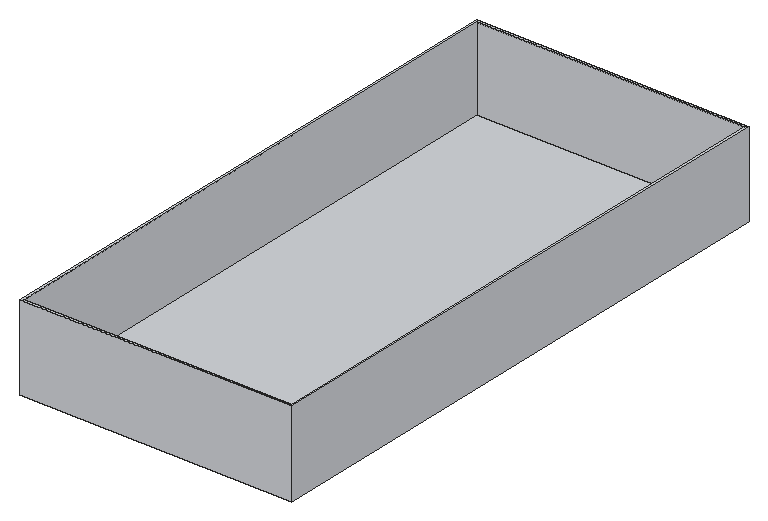
Revit family "Hager-VOLTA-Surface_mounted-IP30-Without_Cover-Without_DIN-Hosted-CH-de", category Electrical Equipment, host Face, Revit 2023
Family settings
  Host = Face
  Panel Configuration = Two Columns, Circuits Across
  Round Connector Dimension = Use Diameter
  Part Type = Panelboard
  Cut with Voids When Loaded = No
  Maintain Annotation Orientation = Yes
  Shared = No
  Room Calculation Point = No
Parameters (values of type "VOLTA-Surface_mounted_W305_H640_D96_12_Modular_Spacing-VA48MD")
  Width Control [instance] = if([HG000006-Unterputz], if([EF000846 - Einbaubreite] > min_whd, [EF000846 - Einbaubreite], min_whd), if([EF000008 - Breite] > min_whd, ([EF000008 - Breite]), min_whd))  # 305 mm
  Void Depth [instance] = if([HG000006-Unterputz], Depth Control, 1 mm)  # 1 mm
  Uniformat code = "D501001"
  Uniformat = "Low Tension Service & Dist."
  HGEF0002950-Breite in Teilungseinheiten = 12
  HGEF000266-Anzahl der Reihen = 4
  HG000131 - Functional label [instance] = ""
  HG000130 - Functional name [instance] = ""
  Type Comments = ""
  System Height [instance] = Height Control - 2 * [HG000005-Dicke]  # 636 mm
  Reference description = ""
  Reference = "VOLTA-Surface_mounted_W305_H640_D96_12_Modular_Spacing-VA48MD"
  Object type = ""
  Name hager = "ADD_Enclosures_EC000214"
  Name BIM&CO = "Electricity"
  Name = "VOLTA-Surface_mounted-IP30-Without_Cover-Without_DIN-CH"
  Model = ""
  HG000099-Onfly Template ID-de-CH = "507532"
  HG000060-RAL-number = "9010"
  HG000059-Operating voltage-de-CH [instance] = 230 V
  HG000017-Distanz zwischen den Polen = 18 mm
  HG000016-3D-Türsichtbarkeit = yes
  HG000015-Sichtbarkeit der Türöffnung = yes
  HG000014-Tür rechts = yes
  HG000013-Tür links = no
  HG000012-Türschwenkwinkel = 90.00°
  HG000011-Leere Reihen von unten = no
  HG000010-Asymmetrische Türen = no
  HG000009-Doppelflügeligen Tür = no
  HG000008-Anzahl der leeren Reihen = 0
  HG000007-Anzahl der leeren Spalten = 0
  HG000006-Unterputz = no
  HG000005-Dicke = 2 mm
  HG000004-Herstellerreferenz = "VA48MD"
  HG000003-Bereich = "VOLTA"
  HG000002-Mit tür = no
  HG000001-Anzahl der Spalten = 0
  GTIN (Global Trade Item Number) = ""
  ETIM class name = "Small distribution board"
  ETIM class code = "EC000214"
  EF015941 - Signaldurchlassende Tür = no
  EF015777 - Neutralleiterklemmenblock = no
  EF015776 - Erdungsklemmenblock = no
  EF009212 - Ausführung Deckel = "mit Ausschnitt"
  EF006306 - Mit Schloss = no
  EF006244 - Transparenter Deckel/Tür = no
  EF005474 - Schutzart (IP) = "IP30"
  EF004464 - Art der Tür = ""
  EF004462 - Art der Schliessung = ""
  EF002950 - Anzahl Teilungseinheiten = 12
  EF001596 - Werkstoff des Gehäuses = ""
  EF001134 - DIN-Schiene = no
  EF001131 - Innentiefe = 0 mm
  EF001088 - Anbaumöglichkeit = yes
  EF001062 - EMV-Ausführung = no
  EF000846 - Einbaubreite = 0 mm
  EF000339 - Art der Abdeckung = ""
  EF000332 - Einbauhöhe = 0 mm
  EF000266 - Anzahl der Reihen = 4
  EF000218 - Einbautiefe = 0 mm
  EF000118 - Mit Montageplatte = yes
  EF000116 - RAL-Nummer = 9010
  EF000049 - Tiefe = 96 mm
  EF000040 - Höhe = 640 mm
  EF000024 - UV-beständig = no
  EF000008 - Breite = 305 mm
  EF000007 - Farbe = "weiss"
  EF000003 - Montageart = "Aufputz"
  Creation Date = "12/15/2025 21:43:52"
  Code hager = "ADD-EC000214_EU"
  BIM&CO code = ""
  BC_VARIANT_ID = "1174158"
  BC_OBJECT_VERSION = "#9"  # constant formula
  BC_OBJECT_ID = "513473"  # constant formula
  BC_MODEL_ID = "1547146"  # constant formula
  Arrow Offset [instance] = Depth Control / 8  # 12 mm
  Arrow Height [instance] = Depth Control - Arrow Offset  # 84 mm
  Host Offset [instance] = if([HG000006-Unterputz], 0 mm, [EF000049 - Tiefe])  # 96 mm
  min_whd [instance] = (2 * [HG000005-Dicke]) + 1 mm  # 5 mm
  Manufacturer = "Hager"  # constant formula
  Height Control [instance] = if([HG000006-Unterputz], if([EF000332 - Einbauhöhe] > min_whd, [EF000332 - Einbauhöhe], min_whd), if([EF000040 - Höhe] > min_whd, ([EF000040 - Höhe]), min_whd))  # 640 mm
  Flush Mounted - Door Frame Width [instance] = if(([EF000040 - Höhe] - [EF000332 - Einbauhöhe]) > 0 mm, if([HG000006-Unterputz], [EF000040 - Höhe] - [EF000332 - Einbauhöhe], 0 mm), 0 mm)  # 0 mm
  Depth Control [instance] = if([HG000006-Unterputz], if([EF000218 - Einbautiefe] > 0 mm, [EF000218 - Einbautiefe], 1 mm), if([EF000049 - Tiefe] > 0 mm, ([EF000049 - Tiefe]), 1 mm))  # 96 mm
  Default Elevation = 0 mm
Reference planes
  plane 1 "Center (Front/Back)": y = 0
  plane 2: z = 0
  plane 3 "Center (Left/Right)": x = 0
  plane 4: z = 96
  plane 5: y = 2
  plane 6: z = 91
  plane 7: y = 320
  plane 8: y = 0
  plane 9: y = 640
  plane 10: z = 0
  plane 11: x = -152.5
  plane 12: x = 152.5
  plane 13: x = 150.5
  plane 14: x = -150.5
  plane 15: y = 638
  plane 16: z = 2
  plane 17: z = 94
  plane 18: z = -1
  plane 19: z = 94
  plane 20 "Annotation H": y = -100
  plane 21 "Annotation V": x = 452.5
Forms (mm)
  Extrusion 1, solid
    sketch origin (-583.045, 0, 1219.2) x (-1, 0, 0) y (0, 0, 1)
      loop
        line (-430.545, -1123.2) -> (-735.545, -1123.2) -> (-735.545, -1219.2) -> (-430.545, -1219.2) -> (-430.545, -1123.2)
    from 0 to 640 <- "Height Control"
  Extrusion 2, void
    sketch origin (-381.607, -4572, 96) x (0, -1, 0) y (-1, 0, 0)
      loop
        line (-5210, -231.107) -> (-5210, -532.107) -> (-4574, -532.107) -> (-4574, -231.107) -> (-5210, -231.107)
    from 0 to 94
  Extrusion 3, void
    sketch origin (0, 0, 0) x (1, 0, 0) y (0, 1, 0)
      loop
        line (-152.5, 0) -> (152.5, 0) -> (152.5, 640) -> (-152.5, 640) -> (-152.5, 0)
    from -1 to 1
  Extrusion 4, solid, detail levels coarse+medium
    sketch origin (-381.607, -4572, 96) x (-1, 0, 0) y (0, -1, 0)
      loop
        line (-231.107, -5210) -> (-231.107, -4574) -> (-532.107, -4574) -> (-532.107, -5210) -> (-231.107, -5210)
    from 0 to -2
Cuts and joins
  Extrusion 2 cuts Extrusion 1
Dimensions and locks
  plane 4 to plane 6 = 5 mm
  "Host Offset": plane 4 to host face
  "Flush Mounted - Door Frame Width": plane 1 "Center (Front/Back)" to plane 8
  "HG000005-Dicke": plane 5 to plane 8
  locked: connector elem to plane 3 "Center (Left/Right)"
  "Height Control": plane 9 to plane 8
  equal spacing: plane 9, plane 7, plane 8
  locked: connector elem to plane 7
  "Depth Control": plane 4 to plane 10
  "HG000005-Dicke": plane 11 to plane 14
  "HG000005-Dicke": plane 12 to plane 13
  equal spacing: plane 11, plane 3 "Center (Left/Right)", plane 12
  "Width Control": plane 11 to plane 12
  "Arrow Offset": nested 4 to plane 10
  "HG000005-Dicke": plane 9 to plane 15
  "HG000005-Dicke": plane 16 to plane 10
  "HG000005-Dicke": plane 4 to plane 17
  "Void Depth": plane 2 to plane 18
  "HG000005-Dicke": plane 4 to plane 19
  locked: plane 20 "Annotation H" to plane 1 "Center (Front/Back)" at 100
  locked: plane 12 to plane 21 "Annotation V" at 300
  aligned and locked: plane 2 to host face
  aligned and locked: level to host face
  aligned and locked: plane 3 "Center (Left/Right)" to nested 2
  aligned and locked: plane 4 to nested 2
  aligned and locked: nested 2 to plane 8
  aligned and locked: nested 1 to plane 6
  aligned and locked: plane 5 to nested 1
  aligned and locked: nested 4 to plane 11
  aligned and locked: nested 3 to plane 4
  aligned and locked: Extrusion 1 sketch curve to plane 12
  aligned and locked: Extrusion 1 sketch curve to plane 11
  aligned and locked: nested 3 to plane 10
  aligned and locked: plane 10 to Extrusion 1 sketch curve
  aligned and locked: plane 5 to Extrusion 2 sketch curve
  aligned and locked: Extrusion 2 sketch curve to plane 15
  aligned and locked: Extrusion 2 sketch curve to plane 14
  aligned and locked: Extrusion 2 sketch curve to plane 13
  aligned and locked: plane 11 to Extrusion 3 sketch curve
  aligned and locked: plane 9 to Extrusion 3 sketch curve
  aligned and locked: Extrusion 3 sketch curve to plane 8
  aligned and locked: plane 12 to Extrusion 3 sketch curve
  aligned and locked: nested 3 to plane 12
  aligned and locked: Extrusion 3 to plane 18
  aligned and locked: Extrusion 2 to plane 16
  aligned and locked: Extrusion 1 sketch curve to plane 4
  aligned and locked: Extrusion 4 to plane 17
  aligned and locked: Extrusion 4 sketch curve to plane 15
  aligned and locked: Extrusion 4 sketch curve to plane 13
  aligned and locked: Extrusion 4 sketch curve to plane 14
  aligned and locked: plane 5 to Extrusion 4 sketch curve
  aligned and locked: nested 5 to plane 21 "Annotation V"
  aligned and locked: plane 20 "Annotation H" to nested 5
Automatic sketch dimensions
  host sketch curve to host sketch curve = 1469.727 mm
  host sketch curve to host sketch curve = 1434.803 mm
Nested families
  nested 1: "Hager_Enclosure_System" at (0, 2, 91) x (1, 0, 0) z (0, 1, 0), Height <- "System Height", Width_Control <- "Width Control", Built-in_Width <- "EF000846 - Einbaubreite", Width <- "EF000008 - Breite", Depth <- "HG000005-Dicke", Border <- "HG000005-Dicke", Distance_Between_Poles <- "HG000017-Distanz zwischen den Polen", Flush_Mounted <- "HG000006-Unterputz", Empty_Columns <- "HG000007-Anzahl der leeren Spalten", Total_No_Empty_Rows <- "HG000008-Anzahl der leeren Reihen", Empty_Rows_From_Bottom <- "HG000011-Leere Reihen von unten", Columns_Count <- "HG000001-Anzahl der Spalten", Rows_Count <- "HGEF000266-Anzahl der Reihen", Row_Module_Multiplicator <- "HGEF0002950-Breite in Teilungseinheiten", type "Hager_Enclosure_System", detail levels fine
    with Width_Control 305 mm, Width 305 mm, Total_No_Rows 4, Total_No_Empty_Rows 0, Total_No_Columns 1, System_Width 301 mm, Rows_Count 4, Rows_Column 4, Row_Module_Multiplicator 12, Panel_4 no, Panel_3 no, Panel_2 no, Panel_1 no, No_Panels_Ctrl 1, Hide_Columns yes, Height 636 mm, Flush_Mounted no, Empty_Rows_From_Bottom no, Empty_Rows_Column 0, Empty_Columns 0, Empty column 4 0, Empty column 3 0, Empty column 2 0, Empty column 1 0, Distance_Between_Poles 18 mm, Depth 2 mm, Columns_Count 0, Column_Width 301 mm, Built-in_Width 0 mm, Border 2 mm
  nested 2: "Hager_Enclosure_Door" at (0, 0, 96) x (1, 0, 0) z (0, 1, 0), Height_Ctrl <- "Height Control", Width_Ctrl <- "Width Control", BuiltIn_Depth <- "EF000218 - Einbautiefe", Depth <- "EF000049 - Tiefe", BuiltIn_Width <- "EF000846 - Einbaubreite", Height <- "EF000040 - Höhe", BuiltIn_Height <- "EF000332 - Einbauhöhe", Width <- "EF000008 - Breite", Transparent <- "EF006244 - Transparenter Deckel/Tür", Border <- "HG000005-Dicke", Door <- "HG000002-Mit tür", Flush_Mounted <- "HG000006-Unterputz", Double <- "HG000009-Doppelflügeligen Tür", Assymetrical <- "HG000010-Asymmetrische Türen", Angle <- "HG000012-Türschwenkwinkel", Door_Left <- "HG000013-Tür links", Door_Right <- "HG000014-Tür rechts", Clearance <- "HG000015-Sichtbarkeit der Türöffnung", 3d_Door <- "HG000016-3D-Türsichtbarkeit", type "Hager_Enclosure_Door", detail levels medium+fine
    with min_wh 5 mm, Width_Ctrl 305 mm, Width 305 mm, Transparent_Door_No_Bottom_Border no, Transparent no, Leaf_Width 298 mm, Leaf_Tolerance 1.5 mm, Leaf_Height 633 mm, Leaf_2_Width 298 mm, Leaf_2_Offset 149 mm, Leaf_1_Width 298 mm, Leaf_1_Offset 149 mm, Height_Ctrl 640 mm, Height 640 mm, Frame_Width_Ctrl 305 mm, Frame_Width 305 mm, Frame_Internal_Offset 0 mm, Frame_Height_Ctrl 640 mm, Frame_Height 640 mm, Frame_Depth_Ctrl 1 mm, Frame_Depth 0 mm, Flush_Mounted no, Double_Clearance_Ctrl no, Double no, Door_Right_Ctrl no, Door_Right yes, Door_Left_Ctrl no, Door_Left no, Door no, Depth 96 mm, Clearance_Depth 298 mm, Clearance_Ctrl yes, Clearance yes, BuiltIn_Width 0 mm, BuiltIn_Height 0 mm, BuiltIn_Depth 0 mm, Border 2 mm, Assymetrical no, Angle 90.00°, 3d_Door yes
  nested 3: "Hager_Enclosure_Symbol_Triangle" at (-152.5, 0, 0) x (1, 0, 0) z (0, -1, 0), Depth <- "Depth Control", Width <- "Width Control", type "Hager_Enclosure_Symbol_Triangle"
    with Width_Ctrl 305 mm, Width 305 mm, Depth_Ctrl 96 mm, Depth 96 mm
  nested 4: "Hager_Enclosure_Symbol_Arrow" at (-152.5, 0, 12) x (1, 0, 0) z (0, -1, 0), Height <- "Arrow Height", type "Hager_Enclosure_Symbol_Arrow"
    with Width_Inside 6.3 mm, Width 75.6 mm, Height_Ctrl 84 mm, Height 84 mm
  nested 5: "Hager_Annotation-HG000130" at (452.5, -100, 0) x (-1, 0, 0) z (0, 0, 1), HG000130 - Functional name <- "HG000130 - Functional name", type "Hager_Annotation-HG000130"
    with HG000130 - Functional name ""
Connectors
  electrical at (0, 320, 0)
    settings: on plane 10, index 1, voltage 0 V, apparent load 0 VA, apparent load phase1 0 VA, apparent load phase2 0 VA, apparent load phase3 0 VA, power factor 1, load classification "Other", number of poles 1, system type 30, power factor state 1, is connector primary yes, connector utility no, sub classification motor no, connector description ""
Definition of nested family "Hager_Enclosure_Door"
  Parameters (values of type "Hager_Enclosure_Door")
    min_wh [instance] = (2 * Border) + 1 mm  # 11 mm
    Width_Ctrl [instance] = 400 mm
    Width [instance] = 500 mm
    Transparent_Door_No_Bottom_Border [instance] = no
    Transparent [instance] = yes
    Leaf_Width [instance] = if((Width_Ctrl - 2 * Border - 2 * Leaf_Tolerance) > 0 mm, (Width_Ctrl - 2 * Border - 2 * Leaf_Tolerance), min_wh)  # 387 mm
    Leaf_Tolerance [instance] = 1.5 mm  # constant formula
    Leaf_Height [instance] = if((Height_Ctrl - 2 * Border - 2 * Leaf_Tolerance) > 0 mm, (Height_Ctrl - 2 * Border - 2 * Leaf_Tolerance), min_wh)  # 387 mm
    Leaf_2_Width [instance] = if(and(and(Double, Assymetrical), Door_Left), (Leaf_Width / 3) - (Leaf_Tolerance / 2), if(and(and(Double, Assymetrical), Door_Right), (Leaf_Width / 3) * 2 - (Leaf_Tolerance / 2), if(and(Double, not(Assymetrical)), (Leaf_Width / 2) - Leaf_Tolerance, Leaf_Width)))  # 387 mm
    Leaf_2_Offset [instance] = if(and(Double, Assymetrical), Leaf_2_Width / 2, if(and(Double, not(Assymetrical)), Leaf_Width / 4, Leaf_Width / 2))  # 193.5 mm
    Leaf_1_Width [instance] = if(and(and(Double, Assymetrical), Door_Right), (Leaf_Width / 3) - (Leaf_Tolerance / 2), if(and(and(Double, Assymetrical), Door_Left), (Width / 3) * 2 - (Leaf_Tolerance / 2), if(and(Double, not(Assymetrical)), (Leaf_Width / 2) - Leaf_Tolerance, Leaf_Width)))  # 387 mm
    Leaf_1_Offset [instance] = if(and(Double, Assymetrical), Leaf_1_Width / 2, if(and(Double, not(Assymetrical)), Leaf_Width / 4, Leaf_Width / 2))  # 193.5 mm
    Height_Ctrl [instance] = 400 mm
    Height [instance] = 500 mm
    Frame_Width_Ctrl [instance] = if(Frame_Width > 0 mm, Frame_Width, 1 mm)  # 1 mm
    Frame_Width [instance] = Width - BuiltIn_Width  # 0 mm
    Frame_Internal_Offset [instance] = if(Flush_Mounted, Border, 0 mm)  # 5 mm
    Frame_Height_Ctrl [instance] = if(Frame_Height > 0 mm, Frame_Height, 1 mm)  # 1 mm
    Frame_Height [instance] = Height - BuiltIn_Height  # 0 mm
    Frame_Depth_Ctrl [instance] = if(Frame_Depth > 0 mm, Frame_Depth, 1 mm)  # 1 mm
    Frame_Depth [instance] = if(Depth - BuiltIn_Depth > 0 mm, if(Flush_Mounted, Depth - BuiltIn_Depth, 0 mm), 0 mm)  # 0 mm
    Flush_Mounted [instance] = yes
    Double_Clearance_Ctrl [instance] = and(Double, Clearance)  # no
    Double [instance] = no
    Door_Right_Ctrl [instance] = and(or(Door_Right, Double), Door)  # yes
    Door_Right [instance] = yes
    Door_Left_Ctrl [instance] = and(or(Door_Left, Double), Door)  # no
    Door_Left [instance] = no
    Door [instance] = yes
    Depth [instance] = 500 mm
    Default Elevation = 1219.2 mm
    Clearance_Material = none
    Clearance_Depth [instance] = if(Leaf_1_Width > Leaf_2_Width, Leaf_1_Width, Leaf_2_Width)  # 387 mm
    Clearance_Ctrl [instance] = and(not(Double), Clearance)  # yes
    Clearance [instance] = yes
    BuiltIn_Width [instance] = 500 mm
    BuiltIn_Height [instance] = 500 mm
    BuiltIn_Depth [instance] = 500 mm
    Border [instance] = 5 mm
    Assymetrical [instance] = yes
    Angle [instance] = 30.00°
    3d_Door [instance] = yes
  Reference planes
    plane 1 "Center (Front/Back)": y = 0
    plane 2 "Bottom": z = 0
    plane 3 "Center (Left/Right)": x = 0
    plane 4: z = 400
    plane 5: x = -200
    plane 6: x = 200
    plane 7: z = 395
    plane 8: x = -195
    plane 9: z = 5
    plane 10: x = 195
    plane 11: y = 0
    plane 12: z = 6.5
    plane 13: x = -582
    plane 14: y = -387
    plane 15: x = 582
    plane 16: x = 0
    plane 17: x = 0
    plane 18: x = -193.5
    plane 19: x = 193.5
    plane 20: z = 393.5
  Forms (mm)
    Extrusion 1, solid, visible <- "Flush_Mounted"
      sketch origin (0, 0, 0) x (1, 0, 0) y (0, 0, 1)
        loop
          line (195, 5) -> (195, 395) -> (-195, 395) -> (-195, 5) -> (195, 5)
        loop
          line (-201, 401) -> (-201, -1) -> (201, -1) -> (201, 401) -> (-201, 401)
      from 0 to 1 <- "Frame_Depth_Ctrl"
    Extrusion 2, solid, material <- "Clearance_Material", visible <- "Double_Clearance_Ctrl"
      sketch origin (1200, 0, 0) x (1, 0, 0) y (0, 0, -1)
        loop
          line (-1782, -393.5) -> (-618, -393.5) -> (-618, 0) -> (-1782, 0) -> (-1782, -393.5)
      from 0 to -387
  Dimensions and locks
    equal spacing: plane 5, plane 3 "Center (Left/Right)", plane 6
    "Width_Ctrl": plane 5 to plane 6
    "Border": plane 5 to plane 8
    "Border": plane 6 to plane 10
    "Border": plane 9 to level
    "Border": plane 4 to plane 7
    "Height_Ctrl": plane 4 to level
    "Leaf_Tolerance": plane 12 to plane 9
    "Frame_Depth": plane 11 to plane 1 "Center (Front/Back)"
    "Frame_Width_Ctrl": plane 5 to Extrusion 1 sketch curve
    "Frame_Width_Ctrl": plane 6 to Extrusion 1 sketch curve
    "Frame_Width_Ctrl": Extrusion 1 sketch curve to plane 4
    "Frame_Width_Ctrl": plane 2 "Bottom" to Extrusion 1 sketch curve
    "Leaf_1_Offset": plane 18 to plane 16
    "Leaf_2_Offset": plane 17 to plane 19
    "Leaf_1_Width": plane 13 to plane 8
    "Leaf_2_Width": plane 10 to plane 15
    "Clearance_Depth": plane 14 to plane 1 "Center (Front/Back)"
    "Leaf_Tolerance": plane 8 to plane 18
    "Leaf_Tolerance": plane 19 to plane 10
    "Leaf_Tolerance": plane 7 to plane 20
    "Frame_Internal_Offset": plane 5 to Extrusion 1 sketch curve
    "Frame_Internal_Offset": Extrusion 1 sketch curve to plane 2 "Bottom"
    "Frame_Internal_Offset": plane 6 to Extrusion 1 sketch curve
    "Frame_Internal_Offset": plane 4 to Extrusion 1 sketch curve
    aligned and locked: level to plane 2 "Bottom"
    aligned and locked: nested 1 to plane 16
    aligned and locked: nested 2 to plane 17
    aligned and locked: Extrusion 2 to plane 13
    aligned and locked: plane 15 to Extrusion 2
    aligned and locked: Extrusion 2 to plane 14
    aligned and locked: plane 12 to nested 1
    aligned and locked: nested 2 to plane 12
    aligned and locked: Extrusion 2 to plane 11
    aligned and locked: plane 20 to Extrusion 2
    aligned and locked: nested 2 to plane 11
    aligned and locked: nested 1 to plane 11
  Automatic sketch dimensions
    Extrusion 2 sketch curve to level = 0 mm
    plane 5 to Extrusion 2 sketch curve = 382 mm
    plane 6 to Extrusion 2 sketch curve = 382 mm
    Extrusion 2 sketch curve to plane 4 = 6.5 mm
  Nested families
    nested 1: "Hager_Enclosure_Door_Leaf" at (0, 0, 6.5), Width <- "Leaf_1_Width", visible <- "Door_Left_Ctrl", Leaf_Height <- "Leaf_Height", Angle <- "Angle", Depth <- "Border", 3d_Door <- "3d_Door", Transparent <- "Transparent", Clearance Material <- "Clearance_Material", Clearance <- "Clearance_Ctrl", Transparent_Door_No_Bottom_Border <- "Transparent_Door_No_Bottom_Border", type "Hager_Enclosure_Door_Leaf"
      with Width 387 mm, Transparent_Door_No_Bottom_Border no, Transparent_Door_Border_Bottom_Top 25 mm, Transparent_Door_Border 25 mm, Transparent_Ctrl yes, Transparent yes, Standard no, Leaf_Height 387 mm, Glass_Offset 1 mm, Depth 5 mm, Clearance Material none, Clearance yes, Angle_Ctrl 30.00°, Angle 30.00°, 3d_Door yes
    nested 2: "Hager_Enclosure_Door_Leaf" at (0, 0, 6.5) x (-1, 0, 0) z (0, 0, 1), Width <- "Leaf_2_Width", visible <- "Door_Right_Ctrl", Leaf_Height <- "Leaf_Height", Angle <- "Angle", Depth <- "Border", 3d_Door <- "3d_Door", Transparent <- "Transparent", Clearance Material <- "Clearance_Material", Clearance <- "Clearance_Ctrl", Transparent_Door_No_Bottom_Border <- "Transparent_Door_No_Bottom_Border", type "Hager_Enclosure_Door_Leaf"
      with Width 387 mm, Transparent_Door_No_Bottom_Border no, Transparent_Door_Border_Bottom_Top 25 mm, Transparent_Door_Border 25 mm, Transparent_Ctrl yes, Transparent yes, Standard no, Leaf_Height 387 mm, Glass_Offset 1 mm, Depth 5 mm, Clearance Material none, Clearance yes, Angle_Ctrl 30.00°, Angle 30.00°, 3d_Door yes
  Definition of nested family "Hager_Enclosure_Door_Leaf"
    Parameters (values of type "Hager_Enclosure_Door_Leaf")
      Width [instance] = 2000 mm
      Transparent_Door_No_Bottom_Border [instance] = yes
      Transparent_Door_Border_Bottom_Top [instance] = if(Transparent_Door_No_Bottom_Border, 0.1 mm, Transparent_Door_Border)  # 0.1 mm
      Transparent_Door_Border [instance] = if(Transparent_Door_No_Bottom_Border, (Width * 0.12), 25 mm)  # 240 mm
      Transparent_Ctrl [instance] = and(Transparent, [3d_Door])  # yes
      Transparent [instance] = yes
      Standard [instance] = and(not(Transparent), [3d_Door])  # no
      Leaf_Height [instance] = 2720.336 mm
      Glass_Offset [instance] = if((Depth - 10 mm) / 2 > 0 mm, (Depth - 10 mm) / 2, 1 mm)  # 15 mm
      Glass_Material = none
      Depth [instance] = 40 mm
      Default Elevation = 0 mm
      Clearance Material [instance] = none
      Clearance [instance] = yes
      Angle_Ctrl [instance] = if(Angle > 170.00°, 170.00°, Angle)  # 45.00°
      Angle [instance] = 45.00°
      3d_Door [instance] = yes
    Reference planes
      plane 1 "Center (Front/Back)": y = 0
      plane 2: z = 0
      plane 3 "Center (Left/Right)": x = 0
      plane 4: y = 2000
      plane 5: x = -1000
      plane 6: x = 1000
      plane 7: x = -3000
      plane 8: z = 2720.336
      plane 9: z = 0.1
      plane 10: z = 2720.236
      plane 11: x = 760
      plane 12: x = -760
    Forms (mm)
      Extrusion 1, solid, material <- "Clearance Material", visible <- "Clearance"
        sketch origin (0, 0, 0) x (1, 0, 0) y (0, 0, 1)
          loop
            line (-3000, 2720.336) -> (-3000, 0) -> (1000, 0) -> (1000, 2720.336) -> (-3000, 2720.336)
        from 0 to -2000
      Extrusion 2, solid, visible <- "Standard", detail levels medium+fine
        sketch origin (-1000, 0, 0) x (0.707107, 0.707107, 0) y (-0.707107, 0.707107, 0)
          loop
            line (0, -40) -> (2000, -40) -> (2000, 0) -> (0, 0) -> (0, -40)
        from 0 to 2720.336 <- "Leaf_Height"
      Extrusion 3, solid, visible <- "Transparent_Ctrl", detail levels medium+fine
        sketch origin (-1000, 0, 0) x (0.707107, 0.707107, 0) y (-0.707107, 0.707107, 0)
          loop
            line (0, -40) -> (2000, -40) -> (2000, 0) -> (0, 0) -> (0, -40)
        from 0 to 2720.336 <- "Leaf_Height"
      Extrusion 4, void, detail levels medium+fine
        sketch origin (-1000, 0, 0) x (-0.707107, 0.707107, 0) y (0.707107, 0.707107, 0)
          loop
            line (0, 240) -> (0, 1760) -> (-40, 1760) -> (-40, 240) -> (0, 240)
        from -2720.236 to -0.1
      Extrusion 5, solid, material <- "Glass_Material", visible <- "Transparent_Ctrl", detail levels medium+fine
        sketch origin (-1000, 0, 0) x (0.707107, 0.707107, 0) y (-0.707107, 0.707107, 0)
          loop
            line (240, -15) -> (240, -25) -> (1760, -25) -> (1760, -15) -> (240, -15)
        from 0.1 to 2720.236
    Cuts and joins
      Extrusion 4 cuts Extrusion 3
    Lines and regions (mm)
      symbolic lines
        curve 1: line (1000, 0, 0) -> (-3000, 0, 0)
        curve 2: arc (1000, 0, 0) -> (-1000, 2000, 0) -> (-3000, 0, 0) r 2000
        curve 4: line (-1000, 0, 0) -> (414.214, 1414.214, 0)
      reference lines
        curve 3: line (-1000, 0, 0) -> (414.214, 1414.214, 0)
      symbolic lines, detail levels medium+fine
        curve 5: line (414.214, 1414.214, 0) -> (442.498, 1385.929, 0)
        curve 6: line (442.498, 1385.929, 0) -> (-971.716, -28.284, 0)
        curve 7: line (-971.716, -28.284, 0) -> (-1000, 0, 0)
        curve 8: line (-1000, 0, 2720.336) -> (1000, 0, 2720.336)
        curve 9: line (-1000, 0, 0) -> (-1000, 0, 2720.336)
        curve 10: line (1000, 0, 0) -> (-1000, 0, 0)
        curve 11: line (1000, 0, 2720.336) -> (1000, 0, 0)
      symbolic lines, visible <- "Transparent_Ctrl", detail levels medium+fine
        curve 12: line (-760, 0, 2720.236) -> (760, 0, 2720.236)
        curve 13: line (-760, 0, 0.1) -> (-760, 0, 2720.236)
        curve 14: line (760, 0, 0.1) -> (-760, 0, 0.1)
        curve 15: line (760, 0, 2720.236) -> (760, 0, 0.1)
    Dimensions and locks
      "Width": plane 1 "Center (Front/Back)" to plane 4
      equal spacing: plane 5, plane 3 "Center (Left/Right)", plane 6
      "Width": plane 5 to plane 6
      "Width": plane 7 to plane 5
      "Leaf_Height": plane 8 to level
      "Depth": curve 6 to curve 3
      "Width": curve 5 to curve 3
      "Width": curve 3 to curve 3
      "Transparent_Door_Border": Extrusion 4 sketch curve to curve 7
      "Transparent_Door_Border": Extrusion 4 sketch curve to curve 5
      "Transparent_Door_Border_Bottom_Top": plane 8 to plane 10
      "Transparent_Door_Border_Bottom_Top": plane 9 to level
      "Glass_Offset": Extrusion 5 sketch curve to curve 4
      "Glass_Offset": Extrusion 5 sketch curve to curve 6
      "Transparent_Door_Border": Extrusion 5 sketch curve to curve 5
      "Transparent_Door_Border": Extrusion 5 sketch curve to curve 7
      "Transparent_Door_Border": plane 12 to plane 5
      "Transparent_Door_Border": plane 6 to plane 11
      "Angle_Ctrl": angle plane 1 "Center (Front/Back)" to curve 3
      aligned and locked: level to plane 2
      aligned and locked: Extrusion 1 to curve 1
      aligned and locked: plane 6 to Extrusion 1
      aligned and locked: Extrusion 1 to plane 1 "Center (Front/Back)"
      aligned and locked: plane 4 to Extrusion 1
      aligned and locked: plane 8 to Extrusion 1
      aligned and locked: curve 4 to curve 3
      aligned and locked: Extrusion 2 sketch curve to curve 7
      aligned and locked: Extrusion 2 sketch curve to curve 6
      aligned and locked: Extrusion 2 sketch curve to curve 5
      aligned and locked: Extrusion 2 sketch curve to curve 3
      aligned and locked: curve 7 to Extrusion 3 sketch curve
      aligned and locked: Extrusion 3 sketch curve to curve 4
      aligned and locked: Extrusion 3 sketch curve to curve 6
      aligned and locked: Extrusion 3 sketch curve to curve 5
      aligned and locked: curve 4 to Extrusion 4 sketch curve
      aligned and locked: curve 6 to Extrusion 4 sketch curve
      aligned and locked: Extrusion 4 to plane 9
      aligned and locked: Extrusion 4 to plane 10
      aligned and locked: Extrusion 5 to plane 9
      aligned and locked: Extrusion 5 to plane 10
      aligned and locked: curve 8 to plane 8
      aligned and locked: plane 5 to curve 9
      aligned and locked: plane 2 to curve 10
      aligned and locked: curve 11 to plane 6
      aligned and locked: plane 10 to curve 12
      aligned and locked: plane 12 to curve 13
      aligned and locked: curve 14 to plane 9
      aligned and locked: plane 11 to curve 15
    Automatic sketch dimensions
      plane 1 "Center (Front/Back)" to curve 2 = 0 mm
      curve 2 to plane 5 = 0 mm
      Extrusion 1 sketch curve to level = 0 mm
      Extrusion 1 sketch curve to plane 7 = 0 mm
      Extrusion 1 sketch curve to plane 6 = 0 mm
      Extrusion 1 sketch curve to plane 8 = 0 mm
      plane 1 "Center (Front/Back)" to curve 3 = 0 mm
      curve 3 to plane 5 = 0 mm
      curve 7 to curve 3 = 0 mm
Definition of nested family "Hager_Enclosure_Symbol_Triangle"
  Parameters (values of type "Hager_Enclosure_Symbol_Triangle")
    Width_Ctrl [instance] = if(Width > 1 mm, Width, 1 mm)  # 498 mm
    Width [instance] = 498 mm
    Depth_Ctrl [instance] = if(Depth > 1 mm, Depth, 1 mm)  # 72 mm
    Depth [instance] = 72 mm
  Reference planes
    plane 1 "Centre (avant/arrière)": y = 0
    plane 2: z = 0
    plane 3 "Centre (gauche/droite)": x = 0
  Lines and regions (mm)
    Filled region 1, type "Solid_Black", in view "Niveau de réf."
      outline origin (0, 0, 0) x (1, 0, 0) y (0, 1, 0)
        loop
          line (0, 0) -> (498, 0) -> (498, 72) -> (0, 0)
    reference lines, in view "Niveau de réf."
      curve 1: line (-206.153, 72, 0) -> (1083.258, 72, 0)
      curve 2: line (498, 405.456, 0) -> (498, -517.619, 0)
  Dimensions and locks
    "Depth_Ctrl": plane 1 "Centre (avant/arrière)" to curve 1
    "Width_Ctrl": plane 3 "Centre (gauche/droite)" to curve 2
    aligned and locked: curve 1 to Filled region 1 sketch curve
    aligned and locked: Filled region 1 sketch curve to plane 1 "Centre (avant/arrière)"
    aligned and locked: curve 2 to Filled region 1 sketch curve
    aligned and locked: plane 3 "Centre (gauche/droite)" to Filled region 1 sketch curve
    aligned and locked: plane 1 "Centre (avant/arrière)" to Filled region 1 sketch curve
  Automatic sketch dimensions
    curve 1 to plane 3 "Centre (gauche/droite)" = 206.153 mm
    curve 2 to curve 1 = 585.258 mm
    plane 1 "Centre (avant/arrière)" to curve 2 = 517.619 mm
    curve 2 to plane 1 "Centre (avant/arrière)" = 405.456 mm
Definition of nested family "Hager_Enclosure_Symbol_Arrow"
  Parameters (values of type "Hager_Enclosure_Symbol_Arrow")
    Width_Inside [instance] = if(Width / 12 > 2 mm, Width / 12, 2 mm)  # 4.987 mm
    Width [instance] = if(Height_Ctrl * 0.9 > 2 mm, Height_Ctrl * 0.9, 2 mm)  # 59.85 mm
    Height_Ctrl [instance] = if(Height > 2 mm, Height, 2 mm)  # 66.5 mm
    Height [instance] = 66.5 mm
  Reference planes
    plane 1 "Centre (avant/arrière)": y = 0
    plane 2: z = 0
    plane 3 "Centre (gauche/droite)": x = 0
    plane 4: x = 59.85
    plane 5: y = 28.263
    plane 6: y = 38.238
    plane 7: y = 66.5
    plane 8: x = 29.925
    plane 9: y = 33.25
  Lines and regions (mm)
    Filled region 1, type "Solid_Black", in view "Niveau de réf."
      outline origin (0, 0, 0) x (1, 0, 0) y (0, 1, 0)
        loop
          line (59.85, 66.5) -> (37.929, 52.827) -> (51.846, 41.935) -> (59.85, 66.5)
    detail lines, in view "Niveau de réf."
      curve 1: line (0, 0, 0) -> (29.925, 38.238, 0)
      curve 2: line (29.925, 38.238, 0) -> (29.925, 28.263, 0)
      curve 3: line (29.925, 28.263, 0) -> (59.85, 66.5, 0)
  Dimensions and locks
    "Width": plane 3 "Centre (gauche/droite)" to plane 4
    "Height_Ctrl": plane 7 to plane 1 "Centre (avant/arrière)"
    equal spacing: plane 3 "Centre (gauche/droite)", plane 8, plane 4
    equal spacing: plane 7, plane 9, plane 1 "Centre (avant/arrière)"
    equal spacing: plane 6, plane 9, plane 5
    "Width_Inside": plane 6 to plane 9
    equal spacing: curve 3, Filled region 1 sketch curve, Filled region 1 sketch curve
    angle Filled region 1 sketch curve to curve 3 = 20.00°
    angle curve 3 to Filled region 1 sketch curve = 20.00°
    locked: curve 3 to Filled region 1 sketch curve (angle 90.00°)
  Automatic sketch dimensions
    plane 1 "Centre (avant/arrière)" to curve 1 = 0 mm
    curve 1 to plane 3 "Centre (gauche/droite)" = 0 mm
    curve 2 to plane 6 = 0 mm
    curve 3 to plane 8 = 0 mm
    curve 3 to plane 4 = 0 mm
    curve 2 to plane 5 = 0 mm
    curve 3 to plane 7 = 0 mm
    Filled region 1 sketch curve to plane 4 = 0 mm
    Filled region 1 sketch curve to plane 7 = 0 mm
Definition of nested family "Hager_Annotation-HG000130"
  Parameters (values of type "Hager_Annotation-HG000130")
    HG000130 - Functional name [instance] = ""
  Reference planes
    plane 1: y = 0
    plane 2: x = 0
  Lines and regions (mm)
    detail lines
      curve 1: line (-27.5, 10, 0) -> (27.5, 10, 0)
      curve 2: line (-27.5, -10, 0) -> (-27.5, 10, 0)
      curve 3: line (27.5, -10, 0) -> (-27.5, -10, 0)
      curve 4: line (27.5, 10, 0) -> (27.5, -10, 0)
  Text (mm)
    label "HG000130 - Functional name" at (0.16, 0.026, 0), shows "HG000130 - Functional name"
